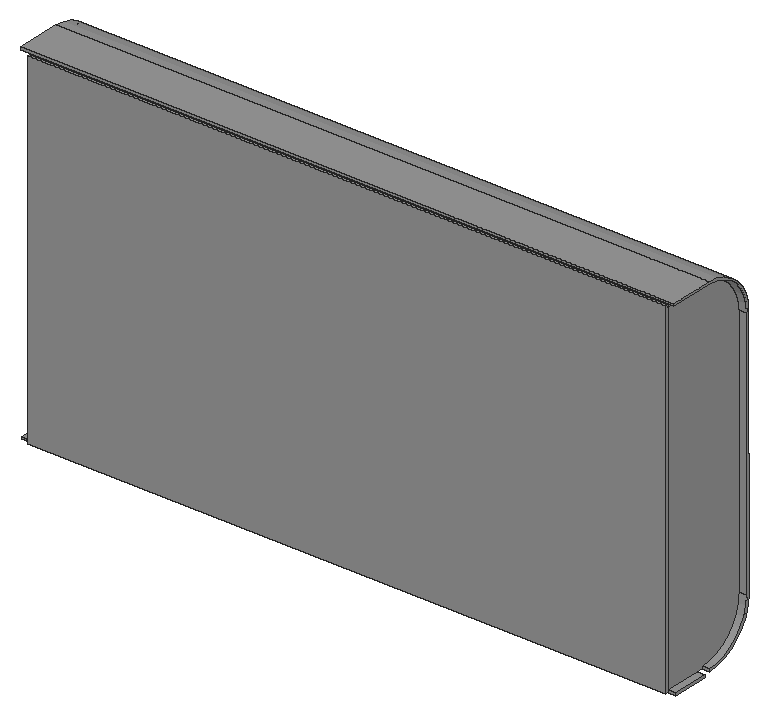
Revit family "3260 Björk_Baby change unit paper dispenser", category Furniture Systems, host Wall, Revit 2017
Family settings
  Host = Wall
  Round Connector Dimension = Use Diameter
  Part Type = Normal
  Always vertical = Yes
  Cut with Voids When Loaded = No
  Shared = No
  Room Calculation Point = No
Parameters (values of type "WHITE")
  Surface Front = RAL FARVE
  Surface Back = RAL FARVE
Reference planes
  plane 1 "Wall": y = 0
  plane 2 "Center (Left/Right)": x = 125
  plane 3 "Back": y = 75
Text (mm)
  text "Placement Side" at (-1848.837, 1116.779, 0), in view "Ref. Level"
  text "Placement side" at (0, 1409.804, 2854.306), in view "Left"
  text "Placement side" at (0, 499.811, 2980.732), in view "Right"
Dimensions and locks
  locked: plane 3 "Back" to host wall
  nested 1 to level = 1198.5 mm
  aligned and locked: plane 1 "Wall" to host wall
  aligned and locked: nested 1 to plane 3 "Back"
Nested families
  nested 1: "Master 3250 Baby change unit paper dispenser" at (125, 75, 1200) x (-1, 0, 0) z (0, 0, 1), type "Master 3250 Baby change unit paper dispenser"
Definition of nested family "Master 3250 Baby change unit paper dispenser"
  Parameters (values of type "Master 3250 Baby change unit paper dispenser")
    Surface Front = none
    Surface Back = none
    Model = "Björk Baby change unit dispenser - 3250"
    Manufacturer = "Dan Dryer"
    Description = "Baby change unit dispenser"
    Cost = 0
  Reference planes
    plane 1 "Center (Front/Back)": y = 0
    plane 2: z = 0
    plane 3 "Center (Left/Right)": x = 0
  Dimensions and locks
    aligned and locked: level to plane 2
    aligned and locked: level to nested 2
    aligned and locked: level to nested 1
    aligned and locked: plane 3 "Center (Left/Right)" to nested 2
    aligned and locked: nested 2 to nested 1
    aligned and locked: plane 1 "Center (Front/Back)" to nested 1
    aligned and locked: nested 2 to plane 1 "Center (Front/Back)"
  Nested families
    nested 1: "Bagplade Komponent" at (0, 0, -1.5), type "Bagplade Komponent"
    nested 2: "Forplade Komponent lukket" at (0, -13.483, 0), type "Forplade Komponent lukket"
  Definition of nested family "Bagplade Komponent"
    Parameters (values of type "Bagplade Komponent")
      Surface Back = none
      Materiale = none
    Reference planes
      plane 1 "Center (Front/Back)": y = 0
      plane 2: z = 0
      plane 3 "Center (Left/Right)": x = 0
    Forms (mm)
      Extrusion 1, solid, material <- "Surface Back"
        sketch origin (0, 0, 79) x (1, 0, 0) y (0, 0, 1)
          loop
            line (-200, -79) -> (200, -79) -> (200, 139) -> (-200, 139) -> (-200, -79)
        from 0 to 1.5
      Extrusion 2, solid, material <- "Surface Back"
        sketch origin (-200, 0, 188) x (0, 0, -1) y (0, -1, 0)
          loop
            line (186.5, 1.5) -> (186.5, 28)
            arc (186.5, 28) -> (178.006, 48.506) -> (157.5, 57) r 29
            line (157.5, 57) -> (-1, 57)
            arc (-1, 57) -> (-21.506, 48.506) -> (-30, 28) r 29
            line (-30, 28) -> (-30, 13.5) -> (-28.5, 13.5) -> (-28.5, 1.5) -> (186.5, 1.5)
        from 0 to -1.5
      Extrusion 3, solid, material <- "Surface Back"
        sketch origin (198.5, 0, 188) x (0, 0, -1) y (0, -1, 0)
          loop
            line (186.5, 1.5) -> (186.5, 28)
            arc (186.5, 28) -> (178.006, 48.506) -> (157.5, 57) r 29
            line (157.5, 57) -> (-1, 57)
            arc (-1, 57) -> (-21.506, 48.506) -> (-30, 28) r 29
            line (-30, 28) -> (-30, 13.5) -> (-28.5, 13.5) -> (-28.5, 1.5) -> (186.5, 1.5)
        from 0 to -1.5
      Extrusion 4, solid, material <- "Surface Back"
        sketch origin (200, 0, 218) x (-1, 0, 0) y (0, -1, 0)
          loop
            line (400, 1.5) -> (400, 13.5) -> (0, 13.5) -> (0, 1.5) -> (400, 1.5)
        from 0 to -1.5
      Extrusion 5, solid, material <- "Surface Back"
        sketch origin (-200, 0, 0) x (0, -1, 0) y (-1, 0, 0)
          loop
            line (1.5, 5) -> (1.5, -32) -> (24.5, -32) -> (24.5, 5) -> (1.5, 5)
        from 0 to -1.5
      Extrusion 6, solid, material <- "Surface Back"
        sketch origin (200, 0, 0) x (0, 1, 0) y (1, 0, 0)
          loop
            line (-1.5, 5) -> (-24.5, 5) -> (-24.5, -32) -> (-1.5, -32) -> (-1.5, 5)
        from 0 to -1.5
      Extrusion 7, solid, material <- "Surface Back"
        sketch origin (-200, 0, 0) x (0, -1, 0) y (-1, 0, 0)
          loop
            line (1.5, -61) -> (1.5, -339) -> (8.5, -339) -> (8.5, -61) -> (1.5, -61)
        from 0 to -1.5
    Dimensions and locks
      aligned and locked: level to plane 2
  Definition of nested family "Forplade Komponent lukket"
    Parameters (values of type "Forplade Komponent lukket")
      Surface Front = none
    Reference planes
      plane 1 "Center (Front/Back)": y = 0
      plane 2: z = 0
      plane 3 "Center (Left/Right)": x = 0
    Forms (mm)
      Extrusion 1, solid, material <- "Surface Front"
        sketch origin (0, 0, 79.75) x (0, 1, 0) y (0, 0, 1)
          loop
            arc (-14.5, -78.25) -> (-35.006, -69.756) -> (-43.5, -49.25) r 29
            line (-43.5, -49.25) -> (-43.5, 109.25)
            arc (-43.5, 109.25) -> (-35.006, 129.756) -> (-14.5, 138.25) r 29
            line (-14.5, 138.25) -> (13.483, 138.25) -> (13.483, 139.75) -> (-14.5, 139.75)
            arc (-14.5, 139.75) -> (-36.067, 130.817) -> (-45, 109.25) r 30.5
            line (-45, 109.25) -> (-45, -49.25)
            arc (-45, -49.25) -> (-36.067, -70.817) -> (-14.5, -79.75) r 30.5
            line (-14.5, -79.75) -> (-14.5, -78.25)
        from -205 to 205
      Extrusion 2, void
        sketch origin (0, 0, 79.75) x (1, 0, 0) y (0, 0, 1)
          loop
            line (-165, -8.116) -> (164.987, -8.116)
            arc (164.987, -8.116) -> (174.987, 1.884) -> (164.987, 11.884) r 10
            line (164.987, 11.884) -> (-165, 11.884)
            arc (-165, 11.884) -> (-175, 1.884) -> (-165, -8.116) r 10
        from 31.755 to 69.02
      Extrusion 3, solid
        sketch origin (0, -45, -42) x (0, 0, 1) y (-1, 0, 0)
          loop
            circle (214.218, 0) r 15
        from 0 to 20
    Cuts and joins
      Extrusion 2 cuts Extrusion 1
    Lines and regions (mm)
      model lines
        curve 1: line (0, -11, -58.5) -> (0, -11, -60)
    Dimensions and locks
      aligned and locked: level to plane 2
